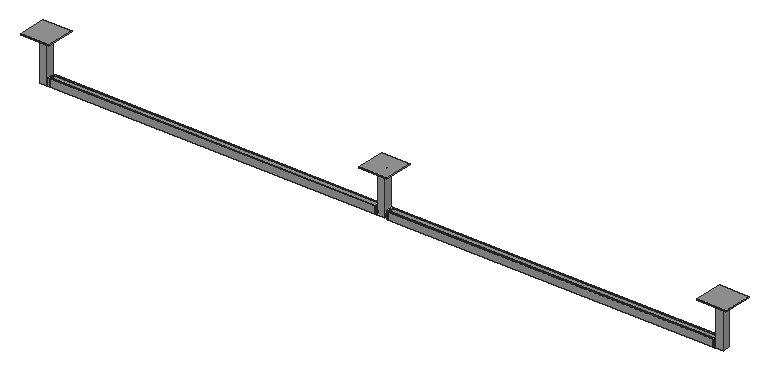
Revit family "duet 06-19-2017", category Lighting Fixtures, host Ceiling, Revit 2014
Parameters (values of type "Leesti Duet 4'")
  rotation = 0.00°
  normal visibility = Modules Numbers > 1  # yes
  led module length = 3' - 10"
  Modules Numbers = 2
  array number = [2nd array] + 1  # 3
  array length = [2nd array] * a  # 7' - 10 51/64"
  a/2 = a / 2  # 1' - 11 179/256"
  a = led module length + 0' 1 51/128"  # 3' - 11 51/128"
  2nd array = if(Modules Numbers > 1, Modules Numbers, 2)  # 2
  1 module visibility = Modules Numbers = 1  # no
Types (6): name | led module length | Modules Numbers | array number | array length | a/2 | a | 2nd array
  (no name) | 3' - 10" | 2 | 3 | 7' - 10 51/64" | 1' - 11 179/256" | 3' - 11 51/128" | 2
  LeeSti Duet 1' | 1' - 0 1/2" | 7 | 8 | 8' - 1 37/128" | 0' - 6 243/256" | 1' - 1 115/128" | 7
  LeeSti Duet 2' | 1' - 11 1/2" | 7 | 8 | 14' - 6 37/128" | 1' - 0 115/256" | 2' - 0 115/128" | 7
  Leesti Duet 3' | 2' - 11" | 7 | 8 | 21' - 2 101/128" | 1' - 6 51/256" | 3' - 0 51/128" | 7
  Leesti Duet 4' | 3' - 10" | 2 | 3 | 7' - 10 51/64" | 1' - 11 179/256" | 3' - 11 51/128" | 2
  Leesti Duet 8' | 7' - 8" | 7 | 8 | 54' - 5 101/128" | 3' - 10 179/256" | 7' - 9 51/128" | 7
Reference planes (in)
  plane 1 "Light Source Axis (F/B)": y = 0
  plane 2 "Ceiling": z = 40.75
  plane 3 "Light Source Axis (L/R)": x = 0
  plane 4 "Light Source Elevation": z = 35
  plane 5: x = -47.39844
  plane 6: x = 47.39844
  plane 7: x = 23.69922
  plane 8: x = -23.69922
Lines and regions (in)
  model lines
    curve 1: line (-34.61458, 0, 35.5) -> (-34.61458, 0, 36.25)
    curve 3: line (12.78385, 0, 35.5) -> (12.78385, 0, 36.25)
    curve 4: line (-12.7714, 0, 35.5) -> (-12.7714, 0, 36.25)
    curve 6: line (34.62703, 0, 35.5) -> (34.62703, 0, 36.25)
    curve 9: line (-11.11537, 0, 35.5) -> (-11.11537, 0, 36.25)
    curve 10: line (-9.71693, 0, 35.5) -> (-9.71693, 0, 36.25)
  model lines, not visible
    curve 2: line (-44.75855, 0, 35.5) -> (-44.75855, 0, 36.25)
    curve 5: line (-22.91537, 0, 35.5) -> (-22.91537, 0, 36.25)
    curve 11: line (-44.95855, 0, 35.5) -> (-44.95855, 0, 36.25)
    curve 12: line (-43.56011, 0, 35.5) -> (-43.56011, 0, 36.25)
  reference lines
    curve 7: line (-23.69922, 0, 58.85086) -> (-23.69922, 0, 7.85086)
    curve 8: line (23.69922, 0, 57.41229) -> (23.69922, 0, 6.41229)
Dimensions and locks (in)
  equal spacing: host sketch curve, plane 3 "Light Source Axis (L/R)", host sketch curve
  equal spacing: host sketch curve, plane 1 "Light Source Axis (F/B)", host sketch curve
  host sketch curve to host sketch curve = 10' - 0"  (x2)
  equal spacing: group 1, group 4, group 3  (x3)
  equal spacing: plane 6, plane 3 "Light Source Axis (L/R)", plane 5
  "array length": plane 6 to plane 5
  group 5 to group 7 = 3' - 11 51/128"
  group 5 to group 7 = 0' - 0"  (x2)
  curve 1 to nested 2 = 1' - 0.08463"
  nested 2 to curve 4 to nested 1 = 1' - 0.07218", 2' - 10.62703"
  "a/2": curve 7 to plane 5
  "a/2": curve 8 to plane 6
  curve 9 to nested 8 = 1' - 0.08463"
  curve 10 to nested 8 = 1' - 1.48307"
  "a": plane 8 to plane 7
  equal spacing: plane 8, plane 3 "Light Source Axis (L/R)", plane 7
  aligned and locked: plane 5 to nested 1
  aligned and locked: nested 4 to plane 6
  aligned and locked: nested 2 to curve 7
  aligned and locked: nested 7 to curve 8
  aligned and locked: nested 9 to plane 8
  aligned and locked: nested 10 to plane 7
Automatic sketch dimensions
  curve 1 to curve 1 = 0' - 0 3/4"
  curve 2 to curve 2 = 0' - 0 3/4"
  curve 3 to curve 3 = 0' - 0 3/4"
  curve 1 to curve 4 = 1' - 9.84318"
  curve 1 to curve 4 = 0' - 0"
  curve 4 to curve 4 = 0' - 0 3/4"
  curve 2 to curve 5 = 1' - 9.84318"
  curve 2 to curve 5 = 0' - 0"
  curve 5 to curve 5 = 0' - 0 3/4"
  curve 3 to curve 6 = 1' - 9.84318"
  curve 3 to curve 6 = 0' - 0"
  curve 6 to curve 6 = 0' - 0 3/4"
  curve 9 to curve 9 = 0' - 0 3/4"
  curve 9 to curve 10 = 0' - 1 51/128"
  curve 9 to curve 10 = 0' - 0"
  curve 10 to curve 10 = 0' - 0 3/4"
  curve 11 to curve 11 = 0' - 0 3/4"
  curve 11 to curve 12 = 0' - 1 51/128"
  curve 11 to curve 12 = 0' - 0"
  curve 12 to curve 12 = 0' - 0 3/4"
  level to curve 8 = 0' - 6.41229"
  level to curve 7 = 0' - 7.85086"
  plane 2 "Ceiling" to curve 8 = 1' - 4.66229"
  plane 2 "Ceiling" to curve 7 = 1' - 6.10086"
Nested families (in)
  nested 1: "duet arm family 2" at (-47.39844, 0, 40.75), visible <- "normal visibility", type "left arm"
    with right pivot yes, left pivot yes
  nested 2: "led module rotation" at (-23.69922, 0, 35), led module length <- "led module length", led module rotation <- "rotation", visible <- "normal visibility", type "led module rotation"
    with left pivot yes, led module rotation 0.00°, led module length 3' - 10"
  nested 3: "duet arm family 2" at (-25.61597, 0, 40.75), visible <- "normal visibility", type "left arm", not visible
    with right pivot yes, left pivot yes
  nested 4: "duet arm family 2" at (47.39844, 0, 40.75), visible <- "normal visibility", type "left arm"
    with right pivot yes, left pivot yes
  nested 5: "duet arm family 2" at (0, 0, 40.75), visible <- "normal visibility", type "left arm"
    with right pivot yes, left pivot yes
  nested 6: "led module rotation" at (-33.84318, 0, 35), led module length <- "led module length", led module rotation <- "rotation", visible <- "normal visibility", type "led module rotation", not visible
    with left pivot yes, led module rotation 0.00°, led module length 3' - 10"
  nested 7: "led module rotation" at (23.69922, 0, 35), led module length <- "led module length", led module rotation <- "rotation", visible <- "normal visibility", type "led module rotation"
    with left pivot yes, led module rotation 0.00°, led module length 3' - 10"
  nested 8: "led module rotation" at (0, 0, 35), led module length <- "led module length", led module rotation <- "rotation", visible <- "1 module visibility", type "led module rotation (1 module)"
    with left pivot yes, led module rotation 0.00°, led module length 3' - 10"
  nested 9: "duet arm family 2" at (-23.69922, 0, 40.75), visible <- "1 module visibility", type "middle arm"
    with right pivot yes, left pivot yes
  nested 10: "duet arm family 2" at (23.69922, 0, 40.75), visible <- "1 module visibility", type "middle arm"
    with right pivot yes, left pivot yes
  nested 11: "duet arm family 2" at (-25.61597, 0, 40.75), visible <- "1 module visibility", type "middle arm", not visible
    with right pivot yes, left pivot yes
  nested 12: "led module rotation" at (-33.84318, 0, 35), led module length <- "led module length", led module rotation <- "rotation", visible <- "1 module visibility", type "led module rotation (1 module)", not visible
    with left pivot yes, led module rotation 0.00°, led module length 3' - 10"
Definition of nested family "duet arm family 2"
  Parameters (values of type "middle arm")
    right pivot [instance] = yes
    left pivot [instance] = yes
    finish = Metal, Paint Finish, White, Matte
    Run = 3' - 11"
  Types (3): name
    middle arm
    left arm
    left arm (1module)
  Reference planes (in)
    plane 1 "Light Source Axis (F/B)": y = 0
    plane 2 "Ceiling": z = 0
    plane 3 "Light Source Axis (L/R)": x = 0
    plane 4 "Light Source Elevation": z = 0
    plane 5: x = 0
  Forms (in)
    Extrusion 1, solid, material "Metal, Paint Finish, White, Matte" <- "finish"
      sketch origin (1.79381, 2.89007, 0) x (1, 0, 0) y (0, 1, 0)
        loop
          line (-3.79381, -0.89007) -> (-3.79381, -4.89007) -> (0.20619, -4.89007) -> (0.20619, -0.89007) -> (-3.79381, -0.89007)
      from -0.125 to 0
    Extrusion 2, solid, material "Metal, Paint Finish, White, Matte" <- "finish"
      sketch origin (0, 0, 0) x (1, 0, 0) y (0, 1, 0)
        loop
          line (-0.5, 0.5) -> (-0.5, -0.5) -> (0.5, -0.5) -> (0.5, 0.5) -> (-0.5, 0.5)
      from -0.125 to -6.25
    Extrusion 3, solid, material "Metal, Paint Finish, White, Matte" <- "finish", not visible
      sketch origin (1.79381, 2.89007, 0) x (1, 0, 0) y (0, 1, 0)
        loop
          line (-3.79381, -0.89007) -> (-3.79381, -4.89007) -> (0.20619, -4.89007) -> (0.20619, -0.89007) -> (-3.79381, -0.89007)
      from -0.125 to 0
    Extrusion 4, solid, material "Metal, Paint Finish, White, Matte" <- "finish", not visible
      sketch origin (0, 0, 0) x (1, 0, 0) y (0, 1, 0)
        loop
          line (-0.5, 0.5) -> (-0.5, -0.5) -> (0.5, -0.5) -> (0.5, 0.5) -> (-0.5, 0.5)
      from -0.125 to -6.25
  Lines and regions (in)
    reference lines, not visible
      curve 1: line (0, 0, 0) -> (0, -1.25, 0)
  Dimensions and locks (in)
    equal spacing: host sketch curve, plane 3 "Light Source Axis (L/R)", host sketch curve
    equal spacing: host sketch curve, plane 1 "Light Source Axis (F/B)", host sketch curve
    host sketch curve to host sketch curve = 10' - 0"  (x2)
Definition of nested family "led module rotation"
  Parameters (values of type "led module rotation")
    left pivot [instance] = yes
    led module rotation [instance] = 0.00°
    led module length [instance] = 3' - 0"
    finish = Metal, Paint Finish, White, Matte
    emit length [instance] = 3' - 11 1/2"
    Default Elevation = 4' - 0"
  Reference planes (in)
    plane 1 "Center (Front/Back)": y = 0
    plane 2: z = 0
    plane 3 "Center (Left/Right)": x = 0
    plane 4: x = -18
    plane 5: x = 18
    plane 6: x = -17.75
    plane 7: x = 17.75
  Forms (in)
    Extrusion 1, solid, material "Metal, Paint Finish, White, Matte" <- "finish"
      sketch origin (0, 0, 0) x (0, -1, 0) y (1, 0, 0)
        loop
          line (-0.5, -18) -> (0.5, -18) -> (0.5, -17.75) -> (-0.5, -17.75) -> (-0.5, -18)
        loop
          line (-0.5, 18) -> (-0.5, 17.75) -> (0.5, 17.75) -> (0.5, 18) -> (-0.5, 18)
      from -0.5 to 0.5
    Extrusion 2, solid, material "Glass, Frosted, High Luminance"
      sketch origin (0, 0, 0) x (0, -1, 0) y (1, 0, 0)
        loop
          line (-0.375, 17.75) -> (-0.375, -17.75) -> (0.375, -17.75) -> (0.375, 17.75) -> (-0.375, 17.75)
      from -0.4631 to -0.39557
    Extrusion 3, solid, material "Metal, Paint Finish, White, Matte" <- "finish"
      sketch origin (0, 0, 0) x (0, -1, 0) y (1, 0, 0)
        loop
          line (-0.5, 17.75) -> (-0.5, -17.75) -> (-0.375, -17.75) -> (-0.375, 17.75) -> (-0.5, 17.75)
        loop
          line (0.5, 17.75) -> (0.375, 17.75) -> (0.375, -17.75) -> (0.5, -17.75) -> (0.5, 17.75)
      from -0.5 to 0.5
    Extrusion 4, solid, material "Metal, Paint Finish, White, Matte" <- "finish"
      sketch origin (0, 0, 0) x (0, -1, 0) y (1, 0, 0)
        loop
          line (-0.375, 17.75) -> (-0.375, -17.75) -> (0.375, -17.75) -> (0.375, 17.75) -> (-0.375, 17.75)
      from 0.38285 to 0.5
    Extrusion 5, solid, visible <- "left pivot"
      sketch origin (-18.7, 0, -0.5) x (0, 1, 0) y (0, 0, 1)
        loop
          circle (0, 0.5) r 0.46875
      from 0.5 to 0.7
    Extrusion 6, solid, visible <- "left pivot", not visible
      sketch origin (-18.67197, 0, -0.5) x (0, 1, 0) y (0, 0, 1)
        loop
          circle (0, 0.5) r 0.46875
      from 0.5 to 0.7
    Extrusion 7, solid, visible <- "left pivot"
      sketch origin (17.5, 0, -0.5) x (0, 1, 0) y (0, 0, 1)
        loop
          circle (0, 0.5) r 0.46875
      from 0.5 to 0.7
  Lines and regions (in)
    reference lines
      curve 1: line (0, 0, 0) -> (0, -1.75, 0)
    model lines, not visible
      curve 2: line (0, 5, -2.75) -> (0, -5, -2.75)
  Dimensions and locks (in)
    "led module length": plane 4 to plane 5
    equal spacing: plane 4, plane 3 "Center (Left/Right)", plane 5
    locked: plane 4 to plane 6 at 0.25
    locked: plane 7 to plane 5 at 0.25
    "led module rotation": angle plane 2 to curve 1
    aligned and locked: plane 2 to level
    aligned and locked: Extrusion 4 to Extrusion 1
    aligned and locked: Extrusion 3 to Extrusion 1  (x2)
    aligned and locked: Extrusion 2 to Extrusion 1
    aligned and locked: Extrusion 1 to plane 4
    aligned and locked: plane 6 to Extrusion 1
    aligned and locked: plane 7 to Extrusion 4
    aligned and locked: Extrusion 2 to Extrusion 4
    aligned and locked: Extrusion 2 to Extrusion 3
    aligned and locked: Extrusion 3 to Extrusion 2
    aligned and locked: Extrusion 1 to plane 5
    aligned and locked: Extrusion 1 to Extrusion 2
    aligned and locked: plane 2 to curve 1
    aligned and locked: plane 1 "Center (Front/Back)" to curve 1
    aligned and locked: plane 5 to Extrusion 7
    aligned and locked: plane 4 to Extrusion 5
  Automatic sketch dimensions
    Extrusion 1 sketch curve to curve 1 = 0' - 0 1/2"  (x2)
    curve 1 to Extrusion 1 sketch curve = 0' - 0 1/2"  (x2)
    Extrusion 1 sketch curve to curve 1 = 1' - 6"
    Extrusion 1 sketch curve to Extrusion 1 sketch curve = 0' - 0 1/4"  (x2)
    curve 1 to Extrusion 1 sketch curve = 1' - 5 3/4"
    Extrusion 2 sketch curve to curve 1 = 0' - 0 3/8"
    curve 1 to Extrusion 2 sketch curve = 0' - 0 3/8"
    Extrusion 2 sketch curve to curve 1 = 1' - 5 3/4"
    curve 1 to Extrusion 2 sketch curve = 1' - 5 3/4"
    Extrusion 3 sketch curve to curve 1 = 0' - 0 1/2"
    Extrusion 3 sketch curve to Extrusion 3 sketch curve = 0' - 0 1/8"  (x2)
    curve 1 to Extrusion 3 sketch curve = 0' - 0 3/8"
    Extrusion 3 sketch curve to curve 1 = 1' - 5 3/4"  (x2)
    curve 1 to Extrusion 3 sketch curve = 1' - 5 3/4"  (x2)
    Extrusion 4 sketch curve to curve 1 = 0' - 0 3/8"
    curve 1 to Extrusion 4 sketch curve = 0' - 0 3/8"
    Extrusion 4 sketch curve to curve 1 = 1' - 5 3/4"
    curve 1 to Extrusion 4 sketch curve = 1' - 5 3/4"
    radius of Extrusion 5 sketch curve = 0' - 0 15/32"
    radius of Extrusion 6 sketch curve = 0' - 0 15/32"
    radius of Extrusion 7 sketch curve = 0' - 0 15/32"
  Nested families (in)
    nested 1: "duet light source family 2" at (0, 8.60801, -42.4631), type "duet light source family 2"
  Definition of nested family "duet light source family 2"
    Parameters (values of type "duet light source family 2")
      Wattage = 16.1571 W
      built-in parameter 1150110 = 1 (stored number, unit not read)
      built-in parameter 1114217 = 1 (stored number, unit not read)
      Tilt Angle = 90.00°
      built-in parameter 1150109 = 1 (stored number, unit not read)
      built-in parameter 1150134 = 1
      built-in parameter 1150113 = 1 (stored number, unit not read)
      Photometric Web File = "L021502206.IES"
      Lumens = 2400 lm
      built-in parameter 1150115 = 1 (stored number, unit not read)
      built-in parameter 1150105 = -1072800 (stored number, unit not read)
      built-in parameter 1150137 = (empty or 0)
      built-in parameter 1150139 = (empty or 0)
      built-in parameter 1150112 = 1 (stored number, unit not read)
      built-in parameter 1150114 = 1 (stored number, unit not read)
      built-in parameter 1150132 = 2
      built-in parameter 1150102 = (empty or 0)
      built-in parameter 1150138 = (empty or 0)
      built-in parameter 1150107 = 6500 (stored number, unit not read)
      built-in parameter 1150106 = -10728 (stored number, unit not read)
      Emit from Line Length = 2' - 0"
      built-in parameter 1150104 = 13.8 (stored number, unit not read)
      Dimming Lamp Color Temperature Shift = (empty or 0)
      Color Filter = 16777215
      built-in parameter 1114218 = 1 (stored number, unit not read)
      built-in parameter 1150133 = 10 (stored number, unit not read)
    Reference planes (in)
      plane 1 "Light Source Axis (F/B)": y = -8.60801
      plane 2: z = 0
      plane 3 "Light Source Axis (L/R)": x = 0
      plane 4 "Light Source Elevation": z = 42
      plane 5: z = 0
    Dimensions and locks (in)
      aligned and locked: plane 3 "Light Source Axis (L/R)" to imposter light
      aligned and locked: plane 1 "Light Source Axis (F/B)" to imposter light
      aligned and locked: plane 4 "Light Source Elevation" to imposter light
      aligned and locked: level to plane 5
